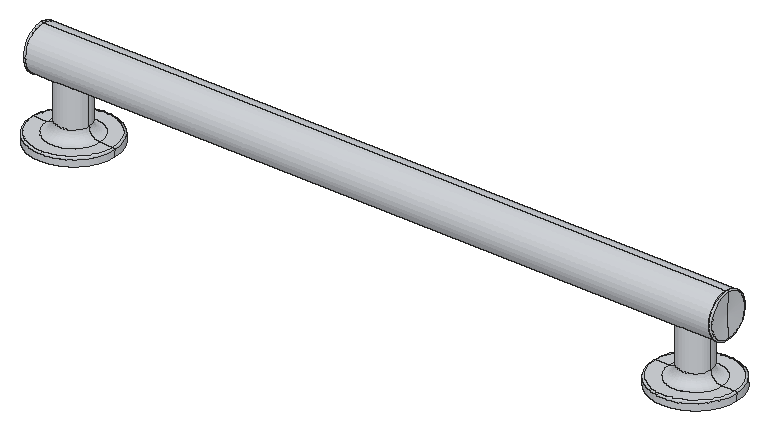
Revit family "Accessory-Grab_Bars-KOHLER-Purist-K-11892", category Specialty Equipment, host Face, Revit 2015
Parameters (values of type "S-Polished Stainless")
  Width = 2 7/16"  # constant formula
  URL = "https://www.us.kohler.com/us/"
  Type = 1
  Product Page URL = "http://www.us.kohler.com/us/catalog/productDetails.jsp?productNumber=11892"
  Product Name = "Purist"  # constant formula
  Product Documentation Link = "http://www.us.kohler.com/onlinecatalog/pdf/K-11892_spec.pdf"
  Model = if(Type = 1, "K-11892-S", if(Type = 2, "K-11892-SN", if(Type = 3, "K-11892-BN", if(Type = 4, "K-11892-BS", if(Type = 5, "K-11892-BV", if(Type = 6, "K-11892-TT", "NA"))))))  # "K-11892-S"
  Material = "Premium Metal Construction"  # constant formula
  MasterFormat 2004 = "10.28.13"  # constant formula
  MasterFormat 1995 = "10820"  # constant formula
  Manufacturer Address = "444 Highland Dr, Kohler, WI 53044"  # constant formula
  Manufacturer = "KOHLER Co."  # constant formula
  Length = 20 7/16"  # constant formula
  Height = 2 3/4"  # constant formula
  Finish = Kohler-Metal-S-Polished_Stainless
  Environmental Product Declaration = ""
  Description = "18inch grab bar"  # constant formula
  Default Elevation = 42"
  Declare Label = ""
  Date Modified = "11/24/2017"  # constant formula
  Date Created = "11/24/2017"  # constant formula
  Copyright = "Copyright KOHLER Co."  # constant formula
  Contact Us = "https://www.us.kohler.com/us/static/contact.jsp"
  Assembly Code = "C1030200"
  ADA Compliant = 1 = 1  # yes
Types (7): name | Type | Model | Finish
  (no name) | 1 | "K-11892-S" | Kohler-Metal-S-Polished_Stainless
  S-Polished Stainless | 1 | "K-11892-S" | Kohler-Metal-S-Polished_Stainless
  SN-Vibrant Polished Nickel | 2 | "K-11892-SN" | Kohler-Metal-SN-Vibrant_Polished_Nickel
  BN-Vibrant Brushed Nickel | 3 | "K-11892-BN" | Kohler-Metal-BN-Vibrant_Brushed_Nickel
  BS-Brushed Stainless | 4 | "K-11892-BS" | Kohler-Metal-BS-Brushed_Stainless
  BV-Vibrant Brushed Bronze | 5 | "K-11892-BV" | Kohler-Metal-BV-Brushed_Bronze
  TT-Vibrant Titanium | 6 | "K-11892-TT" | Kohler-Metal-TT-Vibrant_Titanium
Reference planes (in)
  plane 1 "Center (Front/Back)": y = 0
  plane 2: z = 0
  plane 3 "Center (Left/Right)": x = 0
  plane 4: y = -1.21641
  plane 5: y = 1.22109
  plane 6: x = -10.22422
  plane 7: x = 10.21328
  plane 8: z = 2.75
Dimensions and locks (in)
  "Width": plane 4 to plane 5
  "Length": plane 6 to plane 7
  "Height": plane 8 to level
  aligned and locked: plane 2 to host face
  aligned and locked: level to host face
Automatic sketch dimensions
  host sketch curve to host sketch curve = 96"  (x2)
Nested families (in)
  nested 1: "K-11892" at (0, 0, 0), type "K-11892"
Definition of nested family "K-11892"
  Parameters (values of type "K-11892")
    Material = none
    Half Length2 = Half Length + 29/32"  # 9 29/32"
    Half Length = 9"
  Reference planes (in)
    plane 1 "Center (Front/Back)": y = 0
    plane 2: z = 0
    plane 3 "Center (Left/Right)": x = 0
    plane 4: y = 1.21875
    plane 5: y = -1.21875
    plane 6: x = 10.21875
    plane 7: x = -10.21875
    plane 8: z = 2.75
    plane 9: z = 1.5
    plane 10: y = 0.625
    plane 11: y = -0.625
  Forms (in)
    Revolve 1, solid, material <- "Material", detail levels medium+fine
      sketch origin (0, 0, 0) x (1, 0, 0) y (0, 0, 1)
        loop
          line (-9, 0) -> (-9, 1.70188) -> (-9.45669, 1.70188) -> (-9.45669, 0.54668)
          arc (-9.45669, 0.54668) -> (-9.54762, 0.32715) -> (-9.76715, 0.23622) r 0.31046
          line (-9.76715, 0.23622) -> (-10.1536, 0.23622)
          arc (-10.1536, 0.23622) -> (-10.18697, 0.2224) -> (-10.20079, 0.18903) r 0.04719
          line (-10.20079, 0.18903) -> (-10.20079, 0) -> (-9, 0)
        axis (-9, 1.70188) -> (-9, 0)
      angle from 0 to 360
    Revolve 2, solid, material <- "Material", detail levels medium+fine
      sketch origin (0, 0, 0) x (-1, 0, 0) y (0, 0, 1)
        loop
          line (-9, 0) -> (-9, 1.70188) -> (-9.45669, 1.70188) -> (-9.45669, 0.54668)
          arc (-9.45669, 0.54668) -> (-9.54762, 0.32715) -> (-9.76715, 0.23622) r 0.31046
          line (-9.76715, 0.23622) -> (-10.1536, 0.23622)
          arc (-10.1536, 0.23622) -> (-10.18697, 0.2224) -> (-10.20079, 0.18903) r 0.04719
          line (-10.20079, 0.18903) -> (-10.20079, 0) -> (-9, 0)
        axis (-9, 1.70188) -> (-9, 0)
      angle from 0 to 360
    Revolve 3, solid, material <- "Material", detail levels medium+fine
      sketch origin (0, 0, 0.05664) x (1, 0, 0) y (0, 0, 1)
        loop
          line (-9.88912, 2.69291) -> (-9.88912, 2.66186)
          arc (-9.88912, 2.66186) -> (-9.91972, 2.697) -> (-9.95175, 2.66316) r 0.03147
          arc (-9.95175, 2.66316) -> (-9.91764, 2.36394) -> (-9.90625, 2.06299) r 3.98071
          line (-9.90625, 2.06299) -> (9.90625, 2.06299)
          arc (9.90625, 2.06299) -> (9.91764, 2.36394) -> (9.95175, 2.66316) r 3.98071
          arc (9.95175, 2.66316) -> (9.91972, 2.697) -> (9.88912, 2.66186) r 0.03147
          line (9.88912, 2.66186) -> (9.88912, 2.69291) -> (-9.88912, 2.69291)
        axis (9.95175, 2.06299) -> (-9.95175, 2.06299)
      angle from 0 to 360
    Extrusion 4, solid, material <- "Material", detail levels coarse
      sketch origin (0, 0, 0) x (1, 0, 0) y (0, 1, 0)
        loop
          circle (-9, 0) r 1.21875
      from 0 to 0.23633
    Extrusion 5, solid, material <- "Material", detail levels coarse
      sketch origin (0, 0, 0) x (1, 0, 0) y (0, 1, 0)
        loop
          circle (-9, 0) r 0.45669
      from 0.23633 to 2.05125
    Extrusion 6, solid, material <- "Material", detail levels coarse
      sketch origin (0, 0, 0) x (0, 1, 0) y (0, 0, 1)
        loop
          circle (0, 2.12478) r 0.62478
      from -9.95175 to 9.95175
    Extrusion 7, solid, material <- "Material", detail levels coarse
      sketch origin (0, 0, 0) x (-1, 0, 0) y (0, -1, 0)
        loop
          circle (-9, 0) r 1.21875
      from 0 to 0.23633
    Extrusion 8, solid, material <- "Material", detail levels coarse
      sketch origin (0, 0, 0) x (-1, 0, 0) y (0, -1, 0)
        loop
          circle (-9, 0) r 0.45669
      from 0.23633 to 2.05125
  Cuts and joins
    joined: Revolve 1, Revolve 2, Revolve 3
    joined: Extrusion 4, Extrusion 5, Extrusion 6, Extrusion 7, Extrusion 8
  Lines and regions (in)
    Masking region 1
      outline origin (0, 0, 0) x (0, 1, 0) y (0, 0, 1)
        loop
          line (-1.20079, 0) -> (1.20079, 0) -> (1.20079, 0.19081)
          arc (1.20079, 0.19081) -> (1.18749, 0.22292) -> (1.15538, 0.23622) r 0.04541
          line (1.15538, 0.23622) -> (0.76814, 0.23622)
          arc (0.76814, 0.23622) -> (0.54816, 0.32734) -> (0.45704, 0.54732) r 0.3111
          line (0.45704, 0.54732) -> (0.45704, 1.67888)
          arc (0.45704, 1.67888) -> (0, 2.75457) -> (-0.45704, 1.67888) r 0.63494
          line (-0.45704, 1.67888) -> (-0.45704, 0.54732)
          arc (-0.45704, 0.54732) -> (-0.54816, 0.32734) -> (-0.76814, 0.23622) r 0.3111
          line (-0.76814, 0.23622) -> (-1.15538, 0.23622)
          arc (-1.15538, 0.23622) -> (-1.18749, 0.22292) -> (-1.20079, 0.19081) r 0.04541
          line (-1.20079, 0.19081) -> (-1.20079, 0)
    Masking region 2
      outline origin (0, 0, 0) x (1, 0, 0) y (0, 0, 1)
        loop
          line (-10.20079, 0) -> (-7.79921, 0) -> (-7.79921, 0.1905)
          arc (-7.79921, 0.1905) -> (-7.81264, 0.22291) -> (-7.84504, 0.23633) r 0.04583
          line (-7.84504, 0.23633) -> (-8.23253, 0.23633)
          arc (-8.23253, 0.23633) -> (-8.45228, 0.32736) -> (-8.54331, 0.54711) r 0.31078
          line (-8.54331, 0.54711) -> (-8.54331, 1.48971) -> (8.54331, 1.48971) -> (8.54331, 0.54711)
          arc (8.54331, 0.54711) -> (8.45228, 0.32736) -> (8.23253, 0.23633) r 0.31078
          line (8.23253, 0.23633) -> (7.84504, 0.23633)
          arc (7.84504, 0.23633) -> (7.81264, 0.22291) -> (7.79921, 0.1905) r 0.04583
          line (7.79921, 0.1905) -> (7.79921, 0) -> (10.20079, 0) -> (10.20079, 0.1905)
          arc (10.20079, 0.1905) -> (10.18736, 0.22291) -> (10.15496, 0.23633) r 0.04583
          line (10.15496, 0.23633) -> (9.76747, 0.23633)
          arc (9.76747, 0.23633) -> (9.54772, 0.32736) -> (9.45669, 0.54711) r 0.31078
          line (9.45669, 0.54711) -> (9.45669, 1.48971) -> (9.88912, 1.48971) -> (9.88912, 1.52213)
          arc (9.88912, 1.52213) -> (9.91916, 1.49078) -> (9.95175, 1.51946) r 0.03137
          line (9.95175, 1.51946) -> (9.95175, 2.7198)
          arc (9.95175, 2.7198) -> (9.91916, 2.74848) -> (9.88912, 2.71714) r 0.03137
          line (9.88912, 2.71714) -> (9.88912, 2.74955) -> (-9.88912, 2.74955) -> (-9.88912, 2.71714)
          arc (-9.88912, 2.71714) -> (-9.91916, 2.74848) -> (-9.95175, 2.7198) r 0.03137
          line (-9.95175, 2.7198) -> (-9.95175, 1.51946)
          arc (-9.95175, 1.51946) -> (-9.91916, 1.49078) -> (-9.88912, 1.52213) r 0.03137
          line (-9.88912, 1.52213) -> (-9.88912, 1.48971) -> (-9.45669, 1.48971) -> (-9.45669, 0.54711)
          arc (-9.45669, 0.54711) -> (-9.54772, 0.32736) -> (-9.76747, 0.23633) r 0.31078
          line (-9.76747, 0.23633) -> (-10.15496, 0.23633)
          arc (-10.15496, 0.23633) -> (-10.18736, 0.22291) -> (-10.20079, 0.1905) r 0.04583
          line (-10.20079, 0.1905) -> (-10.20079, 0)
    Masking region 3
      outline origin (0, 0, 0) x (1, 0, 0) y (0, 1, 0)
        loop
          line (-7.9777, -0.62992) -> (7.9777, -0.62992)
          arc (7.9777, -0.62992) -> (10.20079, 0) -> (7.9777, 0.62992) r 1.20079
          line (7.9777, 0.62992) -> (-7.9777, 0.62992)
          arc (-7.9777, 0.62992) -> (-10.20079, 0) -> (-7.9777, -0.62992) r 1.20079
    symbolic lines, detail levels medium+fine
      curve 1: line (0, 0.76814, 0.23622) -> (0, -0.76814, 0.23622)
      curve 2: arc (0, 0.45704, 1.67888) -> (0, 0, 1.48786) -> (0, -0.45704, 1.67888) r 0.64227
      curve 3: line (-8.54331, 0, 1.48971) -> (-9.45669, 0, 1.48971)
      curve 4: line (-9.88912, 0, 2.74955) -> (-9.88912, 0, 1.48971)
      curve 5: line (9.88912, 0, 2.74955) -> (9.88912, 0, 1.48971)
      curve 6: line (8.54331, 0, 1.48971) -> (9.45669, 0, 1.48971)
      curve 7: line (-9.76747, 0, 0.23633) -> (-8.23253, 0, 0.23633)
      curve 8: line (8.23253, 0, 0.23633) -> (9.76747, 0, 0.23633)
      curve 9: line (-9.88912, 0.62992, 0) -> (-9.88912, -0.62992, 0)
      curve 10: line (9.88912, 0.62992, 0) -> (9.88912, -0.62992, 0)
      curve 11: line (9.88912, 0.62992, 0) -> (7.9777, 0.62992, 0)
      curve 12: line (-9.88912, 0.62992, 0) -> (-7.9777, 0.62992, 0)
      curve 13: line (-9.95175, 0.60017, 0) -> (-9.95175, -0.60017, 0)
      curve 14: arc (-9.88912, 0.60017, 0) -> (-9.92044, 0.63148, 0) -> (-9.95175, 0.60017, 0) r 0.03131
      curve 15: arc (-9.95175, -0.60017, 0) -> (-9.91977, -0.63149, 0) -> (-9.88912, -0.59887, 0) r 0.03133
      curve 16: line (-9.88912, -0.62992, 0) -> (-7.9777, -0.62992, 0)
      curve 17: line (9.95175, 0.60017, 0) -> (9.95175, -0.60017, 0)
      curve 18: arc (9.88912, 0.60017, 0) -> (9.92044, 0.63148, 0) -> (9.95175, 0.60017, 0) r 0.03131
      curve 19: arc (9.95175, -0.60017, 0) -> (9.91977, -0.63149, 0) -> (9.88912, -0.59887, 0) r 0.03133
      curve 20: line (9.88912, -0.62992, 0) -> (7.9777, -0.62992, 0)
  Dimensions and locks (in)
    "Half Length": Revolve 1 sketch curve to plane 3 "Center (Left/Right)"
    "Half Length": plane 3 "Center (Left/Right)" to Revolve 2 sketch curve
    "Half Length2": plane 3 "Center (Left/Right)" to Revolve 3 sketch curve
    equal spacing: Revolve 3 sketch curve, plane 3 "Center (Left/Right)", Revolve 3 sketch curve
    aligned and locked: plane 2 to level
    aligned and locked: Masking region 2 sketch curve to cut or joined group of Revolve 1, Revolve 2, Revolve 3  (x7)
    aligned and locked: curve 4 to cut or joined group of Revolve 1, Revolve 2, Revolve 3
    aligned and locked: curve 5 to cut or joined group of Revolve 1, Revolve 2, Revolve 3
    aligned and locked: curve 7 to Masking region 2  (x2)
    aligned and locked: curve 8 to Masking region 2  (x2)
    aligned and locked: Masking region 3 sketch curve to cut or joined group of Revolve 1, Revolve 2, Revolve 3  (x2)
    aligned and locked: curve 9 to cut or joined group of Revolve 1, Revolve 2, Revolve 3
    aligned and locked: curve 10 to cut or joined group of Revolve 1, Revolve 2, Revolve 3
    aligned and locked: curve 11 to Masking region 3
    aligned and locked: curve 12 to Masking region 3
    aligned and locked: curve 13 to cut or joined group of Revolve 1, Revolve 2, Revolve 3
    aligned and locked: Extrusion 4 to Masking region 2
    aligned and locked: Extrusion 5 to Masking region 2
    aligned and locked: Extrusion 6 to cut or joined group of Revolve 1, Revolve 2, Revolve 3  (x2)
  Automatic sketch dimensions
    curve 15 to plane 11 = 0.02483"
    curve 15 to curve 15 = 0.0313"
    curve 19 to curve 19 = 0.0313"
    curve 18 to plane 10 = 0.02483"
    curve 18 to curve 18 = 0.03131"
    curve 17 to plane 11 = 0.02483"
    plane 11 to curve 16 = 0.00492"
    plane 11 to curve 10 = 0.00492"
    curve 14 to plane 10 = 0.02483"
    curve 9 to curve 16 = 1.91142"
    curve 12 to curve 16 = 0"
    curve 20 to curve 10 = 1.91142"
    curve 11 to curve 20 = 0"
    curve 2 to plane 1 "Center (Front/Back)" = 0"
    curve 2 to plane 8 = 0.61987"
    curve 2 to plane 11 = 43/256"
    plane 11 to curve 1 = 0.14314"
    curve 2 to plane 10 = 43/256"
    plane 10 to curve 1 = 0.14314"
    plane 9 to curve 2 = 0.17888"
    level to curve 1 = 0.23622"
    curve 3 to plane 9 = 0.01029"
    curve 4 to curve 3 = 0.43243"
    curve 3 to curve 3 = 0.91339"
    curve 3 to curve 7 = 0.31078"
    curve 6 to plane 9 = 0.01029"
    curve 8 to curve 6 = 0.31078"
    curve 6 to curve 5 = 0.43243"
    curve 8 to plane 6 = 0.45128"
    curve 5 to plane 9 = 0.01029"
    curve 4 to plane 9 = 0.01029"
    curve 4 to plane 8 = 0.00045"
    curve 5 to plane 8 = 0.00045"
    Revolve 1 sketch curve to level = 0"  (x2)
    plane 9 to Revolve 1 sketch curve = 0.20188"
    Revolve 1 sketch curve to Revolve 1 sketch curve = 0.45669"
    level to Revolve 1 sketch curve = 0.23622"
    Revolve 1 sketch curve to Revolve 1 sketch curve = 0.31046"
    Revolve 1 sketch curve to plane 7 = 0.06515"
    Revolve 1 sketch curve to plane 7 = 0.01796"
    Revolve 1 sketch curve to Revolve 1 sketch curve = 0"
    Revolve 1 sketch curve to Revolve 1 sketch curve = 0.66718"
    Revolve 2 sketch curve to level = 0"  (x2)
    Revolve 2 sketch curve to plane 9 = 0.20188"
    Revolve 2 sketch curve to Revolve 2 sketch curve = 0.45669"
    Revolve 2 sketch curve to level = 0.23622"
    Revolve 2 sketch curve to Revolve 2 sketch curve = 0.31046"
    plane 6 to Revolve 2 sketch curve = 0.06515"
    plane 6 to Revolve 2 sketch curve = 0.01796"
    Revolve 2 sketch curve to Revolve 2 sketch curve = 0"
    level to Revolve 2 sketch curve = 0.66718"
    Revolve 3 sketch curve to plane 8 = 0.02782"  (x2)
    Revolve 3 sketch curve to plane 7 = 0.29837"
    plane 9 to Revolve 3 sketch curve = 0.61963"  (x2)
    plane 7 to Revolve 3 sketch curve = 3.66821"
    Revolve 3 sketch curve to Revolve 3 sketch curve = 1/32"  (x2)
    Revolve 3 sketch curve to plane 8 = 0.00045"
    Revolve 3 sketch curve to plane 6 = 0.32963"
    plane 6 to Revolve 3 sketch curve = 3.66821"
    Revolve 3 sketch curve to Revolve 3 sketch curve = 0.03106"  (x2)
    Revolve 3 sketch curve to Revolve 3 sketch curve = 0"
    plane 7 to Revolve 3 sketch curve = 1.61658"
    Masking region 1 sketch curve to level = 0"
    Masking region 1 sketch curve to plane 1 "Center (Front/Back)" = 0"
    Masking region 1 sketch curve to plane 11 = 43/256"
    plane 11 to Masking region 1 sketch curve = 0.14314"
    Masking region 1 sketch curve to plane 5 = 0.06337"
    Masking region 1 sketch curve to plane 5 = 0.01796"
    Masking region 1 sketch curve to plane 10 = 43/256"
    plane 10 to Masking region 1 sketch curve = 0.14314"
    Masking region 1 sketch curve to plane 4 = 0.06337"
    Masking region 1 sketch curve to plane 4 = 0.01796"
    level to Masking region 1 sketch curve = 0.19081"  (x2)
    plane 9 to Masking region 1 sketch curve = 0.17888"
    plane 9 to Masking region 1 sketch curve = 0.61963"
    Masking region 2 sketch curve to plane 7 = 0.06379"
    plane 9 to Masking region 2 sketch curve = 0.02213"  (x2)
    Masking region 2 sketch curve to Masking region 2 sketch curve = 1/32"  (x2)
    Masking region 2 sketch curve to Masking region 2 sketch curve = 0.03137"  (x4)
    level to Masking region 2 sketch curve = 0.23633"  (x2)
    Masking region 2 sketch curve to Masking region 2 sketch curve = 0.38749"  (x3)
    Masking region 2 sketch curve to Masking region 2 sketch curve = 0.91339"
    Masking region 2 sketch curve to Masking region 2 sketch curve = 0.31078"  (x2)
    Masking region 2 sketch curve to Masking region 2 sketch curve = 0.04583"  (x2)
    Masking region 2 sketch curve to Masking region 2 sketch curve = 0.74409"
    Masking region 2 sketch curve to plane 9 = 0.01029"  (x3)
    Masking region 2 sketch curve to plane 6 = 0.32963"  (x2)
    Masking region 2 sketch curve to plane 8 = 0.03286"  (x2)
    plane 9 to Masking region 2 sketch curve = 0.01946"
    Masking region 2 sketch curve to plane 6 = 0.06379"
    Masking region 2 sketch curve to plane 6 = 0.01796"
    level to Masking region 2 sketch curve = 0.1905"  (x2)
    Masking region 2 sketch curve to plane 8 = 0.00045"
    plane 11 to Masking region 3 sketch curve = 0.00492"
    plane 10 to Masking region 3 sketch curve = 0.00492"
    plane 1 "Center (Front/Back)" to Extrusion 4 sketch curve = 0"
    Extrusion 4 sketch curve to plane 7 = 1 7/32"
    Extrusion 5 sketch curve to Extrusion 5 sketch curve = 0"  (x2)
    plane 1 "Center (Front/Back)" to Extrusion 5 sketch curve = 0"
    Extrusion 5 sketch curve to plane 7 = 1 7/32"
    Extrusion 5 sketch curve to Extrusion 5 sketch curve = 0.45669"
    Extrusion 6 sketch curve to plane 1 "Center (Front/Back)" = 0"
    plane 9 to Extrusion 6 sketch curve = 0.62478"
    plane 1 "Center (Front/Back)" to Extrusion 7 sketch curve = 0"
    plane 6 to Extrusion 7 sketch curve = 1 7/32"
    Extrusion 8 sketch curve to Extrusion 8 sketch curve = 0"  (x2)
    plane 1 "Center (Front/Back)" to Extrusion 8 sketch curve = 0"
    plane 6 to Extrusion 8 sketch curve = 1 7/32"
    Extrusion 8 sketch curve to Extrusion 8 sketch curve = 0.45669"
    radius of Extrusion 4 sketch curve = 1 7/32"
    radius of Extrusion 6 sketch curve = 0.62478"
    radius of Extrusion 7 sketch curve = 1 7/32"
